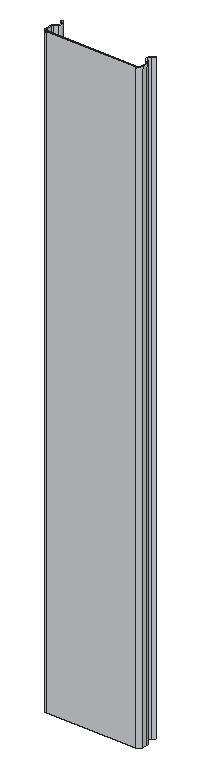
Revit family "SC_Ohm", category Structural Columns, Revit 2022
Family settings
  Section Shape = Not Defined
  Material for Model Behavior = Steel
  Always export as geometry = No
  Beam cutback in plan = From bounding box
  Cut with Voids When Loaded = No
  Symbolic Representation = From Project Settings
  Shared = No
  Show family pre-cut in plan views = Yes
Parameters (values of type "Ohm 400x6")
  e = 6 mm
  A = 89 mm
  Structural Material [instance] = ASTM A36
  Assembly Code = ""
  D = 18 mm
  D2 = 18 mm
  B = 400 mm
  R = 10 mm
Types (28, lengths in mm): name | e | B
  Ohm 400x6 | 6 | 400
  Ohm 400x5 | 5 | 400
  Ohm 400x4 | 4 | 400
  Ohm 400x3 | 3 | 400
  Ohm 350x6 | 6 | 350
  Ohm 350x5 | 5 | 350
  Ohm 350x4 | 4 | 350
  Ohm 350x3 | 3 | 350
  Ohm 300x6 | 6 | 300
  Ohm 300x5 | 5 | 300
  Ohm 300x4 | 4 | 300
  Ohm 300x3 | 3 | 300
  Ohm 250x6 | 6 | 250
  Ohm 250x5 | 5 | 250
  Ohm 250x4 | 4 | 250
  Ohm 250x3 | 3 | 250
  Ohm 225x6 | 6 | 225
  Ohm 225x5 | 5 | 225
  Ohm 225x4 | 4 | 225
  Ohm 225x3 | 3 | 225
  Ohm 200x6 | 6 | 200
  Ohm 200x5 | 5 | 200
  Ohm 200x4 | 4 | 200
  Ohm 200x3 | 3 | 200
  Ohm 150x6 | 6 | 150
  Ohm 150x5 | 5 | 150
  Ohm 150x4 | 4 | 150
  Ohm 150x3 | 3 | 150
Reference planes
  plane 1: y = 0
  plane 2: z = 0
  plane 3: x = 0
Forms (mm)
  Sweep 1, solid
    path origin (0, 0, 0) x (-1, 0, 0) y (0, 0, 1)
      loop
        line (0, 0) -> (0, 2500)
    profile "Ohm : Ohm" origin (0, 0, 1250) x (1, 0, 0) y (0, 1, 0)
      loop
        arc (-184, 6) -> (-191.071, 8.929) -> (-194, 16) r 10
        line (-194, 16) -> (-194, 35.967)
        arc (-194, 35.967) -> (-193.239, 39.794) -> (-191.071, 43.038) r 10
        line (-191.071, 43.038) -> (-178.343, 55.766)
        arc (-178.343, 55.766) -> (-173.657, 67.08) -> (-178.343, 78.393) r 16
        line (-178.343, 78.393) -> (-191.071, 91.121) -> (-195.314, 86.879) -> (-182.586, 74.151)
        arc (-182.586, 74.151) -> (-179.657, 67.08) -> (-182.586, 60.009) r 10
        line (-182.586, 60.009) -> (-195.314, 47.281)
        arc (-195.314, 47.281) -> (-198.782, 42.09) -> (-200, 35.967) r 16
        line (-200, 35.967) -> (-200, 16)
        arc (-200, 16) -> (-195.314, 4.686) -> (-184, 0) r 16
        line (-184, 0) -> (0, 0) -> (184, 0)
        arc (184, 0) -> (195.314, 4.686) -> (200, 16) r 16
        line (200, 16) -> (200, 35.967)
        arc (200, 35.967) -> (198.782, 42.09) -> (195.314, 47.281) r 16
        line (195.314, 47.281) -> (182.586, 60.009)
        arc (182.586, 60.009) -> (179.657, 67.08) -> (182.586, 74.151) r 10
        line (182.586, 74.151) -> (195.314, 86.879) -> (191.071, 91.121) -> (178.343, 78.393)
        arc (178.343, 78.393) -> (173.657, 67.08) -> (178.343, 55.766) r 16
        line (178.343, 55.766) -> (191.071, 43.038)
        arc (191.071, 43.038) -> (193.239, 39.794) -> (194, 35.967) r 10
        line (194, 35.967) -> (194, 16)
        arc (194, 16) -> (191.071, 8.929) -> (184, 6) r 10
        line (184, 6) -> (0, 6) -> (-184, 6)
Dimensions and locks
  aligned and locked: level to plane 2
Automatic sketch dimensions
  Sweep 1 sketch curve to level = 0 mm  (x2)
  Sweep 1 sketch curve to plane 3 = 0 mm
